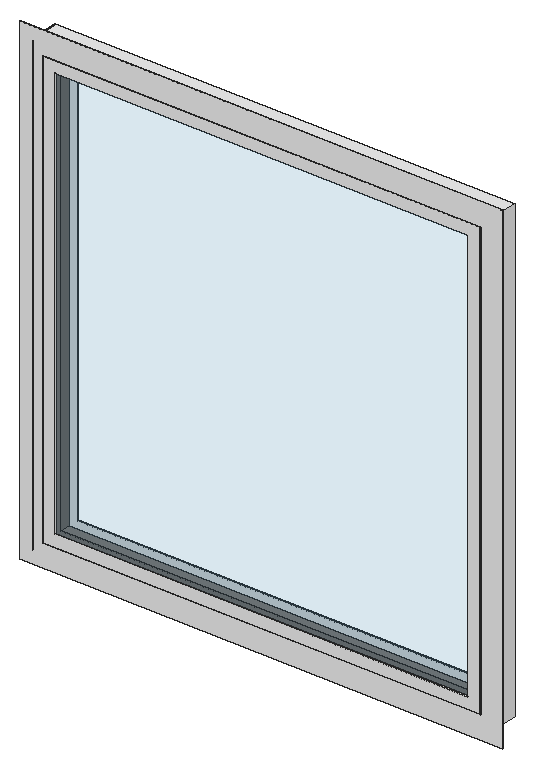
Revit family "Casement_36_D_Top_Hung_Custom", category Windows, host Wall, Revit 2014
Parameters (values of type "Casement_Sash_DG")
  Width Sash [instance] = 30 mm
  Width Sash Inner = 15 mm
  Width Bead = 15 mm
  Top Hung [instance] = yes
  Side Hung Right [instance] = yes
  Side Hung Left [instance] = yes
  Sash Opening Width [instance] = 600 mm
  Sash Opening Height [instance] = 600.312 mm
  Sash Lip = 15 mm
  Glazing Material [instance] = Glass
  DG Start Piece 2 [instance] = DG End Piece 1 + DG Gasket Thickness  # 25 mm
  DG Start Peice 1 [instance] = (Depth Sash - (2 * DG Glazing Thickness) - DG Gasket Thickness) / 2  # 6.6 mm
  Glazing Offset = 5 mm
  DG Glazing Thickness [instance] = 6.4 mm
  DG Gasket Thickness = 12 mm  # constant formula
  DG Gasket Material [instance] = Double Glazing Gasket Material
  DG End Piece 2 [instance] = DG Start Piece 2 + DG Glazing Thickness  # 31.4 mm
  DG End Piece 1 [instance] = DG Start Peice 1 + DG Glazing Thickness  # 13 mm
  Depth Sash [instance] = 38 mm
  Center Vertical Sash [instance] = Sash Opening Height / 2  # 300.156 mm
  Center Horizontal Sash [instance] = Sash Opening Width / 2  # 300 mm
  Bottom Hung [instance] = yes
  Bead Offset = 15 mm
  Aluminium Thickness = 1 mm
  Aluminium Material [instance] = White Powder Coated Aluminium
Reference planes
  plane 1 "Center (Front/Back)": y = 0
  plane 2: z = 0
  plane 3 "Center (Left/Right)": x = 0
Forms (mm)
  Sweep 1, solid, material "White Powder Coated Aluminium" <- "Aluminium Material"
    path origin (16.177, 0, 121.331) x (1, 0, 0) y (0, 0, 1)
      loop
        line (0, 0) -> (600, 0) -> (600, 600.312) -> (0, 600.312) -> (0, 0)
    profile origin (316.177, 0, 121.331) x (0, 0, 1) y (0, -1, 0)
      loop
        line (0, 0) -> (30, 0) -> (30, 1) -> (15, 1) -> (15, 38) -> (-15, 38) -> (-15, 37) -> (0, 37) -> (0, 0)
      loop
        line (14, 1) -> (14, 37) -> (1, 37) -> (1, 1) -> (14, 1)
  Sweep 2, solid, material "White Powder Coated Aluminium" <- "Aluminium Material"
    path origin (0, 0, 0) x (1, 0, 0) y (0, 0, 1)
      loop
        line (31.177, 706.643) -> (31.177, 136.331) -> (601.177, 136.331) -> (601.177, 706.643) -> (31.177, 706.643)
    profile origin (316.177, 0, 706.643) x (0, 0, 1) y (0, -1, 0)
      loop
        line (0, 37) -> (0, 38) -> (-15, 38) -> (-15, 37) -> (0, 37)
  Extrusion 3, solid, material "Glass" <- "Glazing Material"
    sketch origin (0, 0, 0) x (1, 0, 0) y (0, 0, 1)
      loop
        line (36.177, 701.643) -> (36.177, 141.331) -> (596.177, 141.331) -> (596.177, 701.643) -> (36.177, 701.643)
    from 6.6 <- "DG Start Peice 1" to 13 <- "DG End Piece 1"
  Extrusion 4, solid, material "Glass" <- "Glazing Material"
    sketch origin (0, 0, 0) x (1, 0, 0) y (0, 0, 1)
      loop
        line (36.177, 701.643) -> (36.177, 141.331) -> (596.177, 141.331) -> (596.177, 701.643) -> (36.177, 701.643)
    from 31.4 <- "DG End Piece 2" to 25 <- "DG Start Piece 2"
  Sweep 5, solid, material "Double Glazing Gasket Material" <- "DG Gasket Material"
    path origin (0, -13, 0) x (1, 0, 0) y (0, 0, 1)
      loop
        line (36.177, 701.643) -> (36.177, 141.331) -> (596.177, 141.331) -> (596.177, 701.643) -> (36.177, 701.643)
    profile origin (316.177, -13, 701.643) x (0, 0, 1) y (0, -1, 0)
      loop
        line (0, 0) -> (0, 12) -> (-7.96, 12) -> (-7.96, 0) -> (0, 0)
Lines and regions (mm)
  model lines
    curve 1: line (1.177, -38, 736.643) -> (31.177, -38, 706.643)
    curve 2: line (601.177, -38, 706.643) -> (631.177, -38, 736.643)
    curve 3: line (601.177, -38, 136.331) -> (631.177, -38, 106.331)
    curve 4: line (1.177, -38, 106.331) -> (31.177, -38, 136.331)
    curve 5: line (631.177, -37, 736.643) -> (616.177, -37, 721.643)
    curve 6: line (1.177, -37, 736.643) -> (16.177, -37, 721.643)
    curve 7: line (1.177, -37, 106.331) -> (16.177, -37, 121.331)
    curve 8: line (631.177, -37, 106.331) -> (616.177, -37, 121.331)
    curve 9: line (616.177, 0, 121.331) -> (586.177, 0, 151.331)
    curve 10: line (46.177, 0, 151.331) -> (16.177, 0, 121.331)
    curve 11: line (616.177, 0, 721.643) -> (586.177, 0, 691.643)
    curve 12: line (46.177, 0, 691.643) -> (16.177, 0, 721.643)
    curve 13: line (31.177, -38, 691.643) -> (46.177, -38, 691.643)
    curve 14: line (586.177, -38, 691.643) -> (601.177, -38, 691.643)
    curve 15: line (586.177, -38, 151.331) -> (601.177, -38, 151.331)
    curve 16: line (31.177, -38, 151.331) -> (46.177, -38, 151.331)
  model lines, style "GenericModelHiddenLines", visible <- "Top Hung"
    curve 17: line (46.386, -31.4, 690.914) -> (316.177, -31.4, 151.331)
    curve 18: line (316.177, -31.4, 151.331) -> (586.177, -31.4, 691.331)
  model lines, style "GenericModelHiddenLines", visible <- "Bottom Hung"
    curve 19: line (46.177, -31.4, 151.331) -> (316.177, -31.4, 691.331)
    curve 20: line (316.177, -31.4, 691.331) -> (586.177, -31.4, 151.331)
  model lines, style "GenericModelHiddenLines", visible <- "Side Hung Left"
    curve 21: line (46.386, -31.4, 690.914) -> (585.24, -31.4, 421.487)
    curve 22: line (585.24, -31.4, 421.487) -> (46.177, -31.4, 151.331)
  model lines, style "GenericModelHiddenLines", visible <- "Side Hung Right"
    curve 23: line (586.177, -31.4, 691.331) -> (46.177, -31.4, 421.487)
    curve 24: line (46.177, -31.4, 421.487) -> (586.177, -31.4, 151.331)
Dimensions and locks
  "Aluminium Thickness": Sweep 1 sketch curve to Sweep 1 sketch curve  (x4)
  "Depth Sash": Sweep 1 sketch curve to Sweep 1 sketch curve
  "Sash Opening Width": Sweep 1 to Sweep 1
  "Sash Opening Height": Sweep 1 to Sweep 1
  "Width Sash": Sweep 1 sketch curve to Sweep 1 sketch curve  (x2)
  "Width Sash Inner": Sweep 1 sketch curve to Sweep 1 sketch curve
  "Sash Lip": Sweep 1 sketch curve to Sweep 1 sketch curve
  "Aluminium Thickness": Sweep 1 to Sweep 2 sketch curve
  "Glazing Offset": Sweep 2 to Extrusion 3 sketch curve  (x3)
  "Glazing Offset": Extrusion 3 sketch curve to Sweep 2
  Sweep 1 to Sweep 1 = 1 mm
  "Aluminium Thickness": Sweep 2 sketch curve to Sweep 2 sketch curve
  "Width Bead": Sweep 2 sketch curve to Sweep 2 sketch curve
  locked: Sweep 5 sketch curve to Sweep 5 sketch curve at 7.96
  "Center Horizontal Sash": Sweep 1 to curve 18
  "Center Horizontal Sash": Sweep 1 to curve 20
  "Center Vertical Sash": Sweep 1 to curve 22
  "Center Vertical Sash": Sweep 1 to curve 24
  aligned and locked: level to plane 2
  aligned and locked: Sweep 1 sketch curve to Sweep 1 sketch curve  (x2)
  aligned and locked: Sweep 2 sketch curve to Sweep 1  (x5)
  aligned and locked: Extrusion 4 sketch curve to Extrusion 3  (x4)
  aligned and locked: Sweep 5 sketch curve to Extrusion 3  (x5)
  aligned and locked: Extrusion 3 to Sweep 5 sketch curve
Automatic sketch dimensions
  plane 3 "Center (Left/Right)" to Sweep 1 sketch curve = 16.177 mm
  level to Sweep 1 sketch curve = 121.331 mm
  plane 3 "Center (Left/Right)" to Sweep 1 sketch curve = 616.177 mm
  level to Sweep 1 sketch curve = 721.643 mm
  profile plane to Sweep 5 sketch curve = 12 mm
  curve 7 to Sweep 1 = 0 mm  (x4)
  curve 6 to Sweep 1 = 0 mm  (x3)
  Sweep 1 to curve 6 = 0 mm
  curve 5 to Sweep 1 = 0 mm  (x3)
  curve 8 to Sweep 1 = 0 mm  (x4)
  Sweep 1 to curve 5 = 0 mm
  curve 16 to Sweep 2 = 0 mm  (x3)
  curve 13 to Sweep 2 = 0 mm  (x3)
  curve 15 to Sweep 2 = 0 mm
  Sweep 2 to curve 15 = 0 mm  (x2)
  curve 14 to Sweep 2 = 0 mm  (x2)
  Sweep 2 to curve 14 = 0 mm
  curve 1 to Sweep 1 = 0 mm  (x4)
  curve 4 to Sweep 1 = 0 mm  (x3)
  Sweep 1 to curve 4 = 0 mm
  curve 3 to Sweep 1 = 0 mm  (x3)
  curve 2 to Sweep 1 = 0 mm  (x4)
  Sweep 1 to curve 3 = 0 mm
  curve 10 to Sweep 1 = 0 mm  (x4)
  curve 12 to Sweep 1 = 0 mm  (x3)
  Sweep 1 to curve 12 = 0 mm
  curve 9 to Sweep 1 = 0 mm  (x4)
  curve 11 to Sweep 1 = 0 mm  (x3)
  Sweep 1 to curve 11 = 0 mm
  Sweep 1 sketch curve to plane 1 "Center (Front/Back)" = 0 mm
  profile plane to Sweep 1 sketch curve = 0 mm
  curve 21 to Extrusion 4 = 10.208 mm
  curve 19 to Extrusion 4 = 10 mm
  curve 23 to Extrusion 4 = 10 mm  (x2)
  curve 22 to Extrusion 4 = 10.937 mm
  curve 20 to Extrusion 4 = 10 mm
  curve 24 to Extrusion 4 = 10 mm
  curve 22 to Extrusion 4 = 10 mm
  curve 18 to Extrusion 4 = 10 mm
  curve 21 to Extrusion 4 = 10.729 mm
  curve 19 to Extrusion 4 = 10.312 mm
  curve 18 to Extrusion 4 = 10.312 mm
